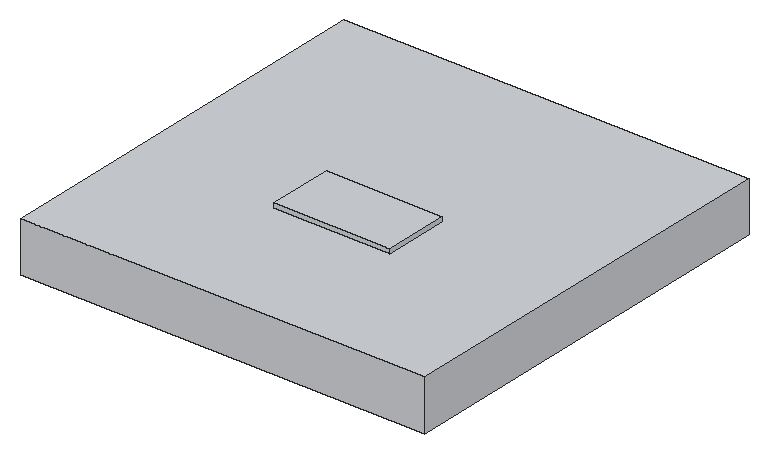
Revit family "M_Alto-falante - Relógio", category Dispositivos de comunicação, Revit 2019
Family settings
  Hospedeiro = Face
  Manter orientação da anotação = Sim
  Cota do conector redondo = Utilizar diâmetro
  Tipo de parte = Normal
  Número OmniClass = 23.85.10.11.11
  Título OmniClass = Sound and Signal Devices
  ID de item do Seek = Speaker - Clock-0000-CAN-ENU
  Corte com vazios quando carregada = Não
  Compartilhado = Não
  Ponto de cálculo do ambiente = Não
Parameters (values of type "Padrão")
  Largura = 699 mm
  Material = none
  Altura = 394 mm
  Linear = 25 mm
  Elevação-padrão = 1200 mm
Reference planes
  plane 1 "Centro (Frente/Trás)": y = 0
  plane 2: z = 0
  plane 3 "Centro (Esquerda/Direita)": x = 0
  plane 4: z = 25
  plane 5: x = -349.5
  plane 6: x = 349.5
  plane 7: y = -394
Forms (mm)
  Extrusion 1, solid
    sketch origin (0, 0, 0) x (1, 0, 0) y (0, 1, 0)
      loop
        line (-1219.2, 1219.2) -> (-1219.2, -1219.2) -> (1219.2, -1219.2) -> (1219.2, 1219.2) -> (-1219.2, 1219.2)
    from 0 to -304.8
  Extrusion 2, solid, material <- "Material"
    sketch origin (4.851, 0, 0) x (1, 0, 0) y (0, 1, 0)
      loop
        line (-354.351, 0) -> (-354.351, -394) -> (344.649, -394) -> (344.649, 0) -> (-354.351, 0)
    from 0 to 25
Lines and regions (mm)
  symbolic lines, detail levels fine
    curve 1: line (-349.5, 0, 25) -> (-349.5, 0, 0)
    curve 2: line (349.5, 0, 25) -> (-349.5, 0, 25)
    curve 3: line (349.5, 0, 0) -> (349.5, 0, 25)
    curve 4: line (-349.5, 0, 0) -> (349.5, 0, 0)
Dimensions and locks
  "Linear": plane 4 to plane 2
  equal spacing: plane 5, plane 3 "Centro (Esquerda/Direita)", plane 6
  "Largura": plane 5 to plane 6
  "Altura": plane 7 to plane 1 "Centro (Frente/Trás)"
  aligned and locked: plane 2 to Extrusion 1
  aligned and locked: level to Extrusion 1
  aligned and locked: plane 1 "Centro (Frente/Trás)" to Extrusion 2 sketch curve
  aligned and locked: plane 4 to Extrusion 2
  aligned and locked: Extrusion 2 to plane 5
  aligned and locked: plane 6 to Extrusion 2
  aligned and locked: Extrusion 2 to plane 7
  aligned and locked: curve 1 to Extrusion 2
  aligned and locked: curve 2 to Extrusion 2
  aligned and locked: curve 3 to Extrusion 2
  aligned and locked: curve 4 to Extrusion 2
  aligned and locked: plane 1 "Centro (Frente/Trás)" to nested 1
  aligned and locked: plane 3 "Centro (Esquerda/Direita)" to nested 1
Automatic sketch dimensions
  Extrusion 1 sketch curve to Extrusion 1 sketch curve = 2438.4 mm  (x2)
  Extrusion 2 sketch curve to plane 3 "Centro (Esquerda/Direita)" = 349.5 mm
  plane 3 "Centro (Esquerda/Direita)" to Extrusion 2 sketch curve = 349.5 mm
  plane 1 "Centro (Frente/Trás)" to Extrusion 2 sketch curve = 394 mm
Nested families
  nested 1: "M_Alto-falante - Anotação do relógio" at (0, 0, 0), type "Alto-falante - Anotação do relógio", detail levels coarse+medium
Connectors
  electrical at (0, 0, 12.5)
    settings: on Extrusion 2, index 1, voltage 0 V, apparent load 0 VA, apparent load phase1 0 VA, apparent load phase2 0 VA, apparent load phase3 0 VA, power factor 1, load classification "Outros", number of poles 1, system type 14, power factor state 1, is connector primary yes, connector utility no, sub classification motor no, connector description ""
Definition of nested family "M_Alto-falante - Anotação do relógio"
  Parameters
    Anotação de legenda = ""
  Reference planes
    plane 1: y = 0
    plane 2: x = 0
  Lines and regions (mm)
    Filled region 1, type "Região preenchida 1"
      outline origin (0, 0, 0) x (1, 0, 0) y (0, 1, 0)
        loop
          line (0, 1.191) -> (0, 0) -> (1.587, 0) -> (1.587, 1.191) -> (0, 1.191)
    reference lines
      curve 1: line (-1.588, 5.783, 0) -> (-1.588, -7.274, 0)
      curve 2: line (1.588, 7.519, 0) -> (1.587, -7.274, 0)
      curve 3: line (-6.856, 1.191, 0) -> (8.926, 1.191, 0)
      curve 4: line (-9.435, 0, 0) -> (9.615, 0, 0)
    detail lines
      curve 5: line (-1.588, 1.191, 0) -> (1.588, 1.191, 0)
      curve 6: line (-1.588, 0, 0) -> (-1.588, 1.191, 0)
      curve 7: line (1.588, 0, 0) -> (-1.588, 0, 0)
      curve 8: line (1.588, 1.191, 0) -> (1.588, 0, 0)
  Dimensions and locks
    locked: curve 1 to plane 2 at 1.588
    locked: plane 2 to curve 2 at 1.588
    locked: curve 4 to curve 3 at 1.191
    locked: curve 4 to plane 1 at 0
    aligned and locked: curve 3 to curve 5
    aligned and locked: curve 6 to curve 1
    aligned and locked: curve 7 to curve 4
    aligned and locked: curve 2 to curve 8
    aligned and locked: plane 2 to Filled region 1 sketch curve
    aligned and locked: Filled region 1 sketch curve to curve 4
    aligned and locked: curve 3 to Filled region 1 sketch curve
    aligned and locked: curve 2 to Filled region 1 sketch curve
